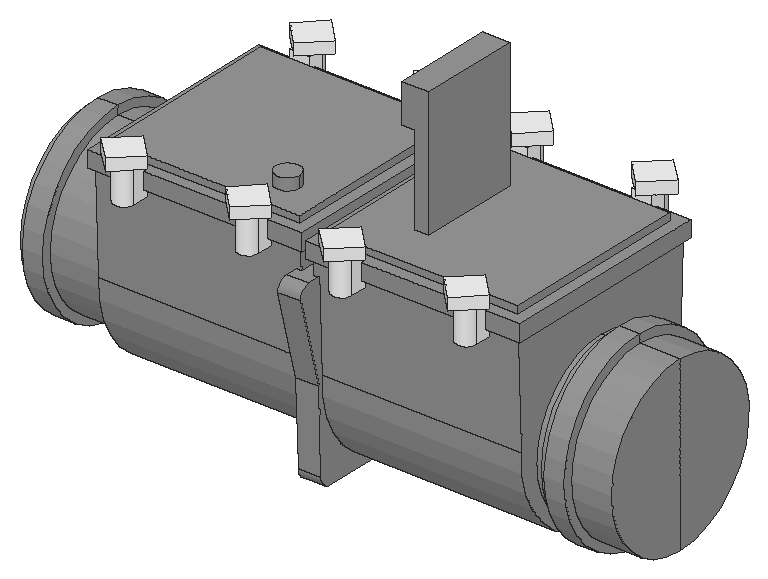
Revit family "HL_RU_Anti-flooding valve_HL715.2-A-171212", category Příslušenství trubek, Revit 2021
Family settings
  Kóta kulaté spojky = Použít průměr
  Typ dílu = Normální
  Číslo OmniClass = 23.65.55.14.21
  Nadpis OmniClass = Non-Return Valves for Liquid Services
  Založené na pracovní rovině = Ne
  Vždy vertikální = Ano
  Ořezat dutým tvarem při načtení = Ne
  Sdílené = Ne
Parameters (values of type "HL_Механический канализационный затвор_HL715.2")
  РАЗМЕР = "DN160"
  ПРОПУСКНАЯ СПОСОБНОСТЬ [instance] = 0.0 m³/h
  ПРАВОВАЯ ИНФОРМАЦИЯ = "\"Авторские права(©), права на дизайн или какие либо другие права интелектуальной собственности являются исключительной собственностью компании HL Hutterer & Lechner. Изменению не подлежит. Файл семейства с данными о прозводителе изделия защищен паролем с водяным знаком.\""
  ПАДЕНИЕ ДАВЛЕНИЯ [instance] = 0.0 Pa
  НОМИНАЛЬНЫЙ ДИАМЕТР 2 = 160 mm
  НОМИНАЛЬНЫЙ ДИАМЕТР = 160 mm
  МАТЕРИАЛ = "ABS"
  ВЫСОТА МОНТАЖА = "355 mm"
  ВЕС = "5,87 kg"
  Výrobce = "HL Hutterer & Lechner GmbH"
  Výchozí výška = 0 mm
  URL = "http://www.hutterer-lechner.com/ru/products/catalog/roof-drains/HL715.2.aspx"
  Popis = "Механический канализационный затвор"
  Model = "HL715.2"
  Komentáře k typům = "Механический магистральный канализационный затвор DN160 с двумя заслонками из нержавеющей стали и ручным затвором."
  Keynote = "HL715.2"
  EAN = "9003076971527"
  Cena = 0
Types (2, lengths in mm): name | URL | Popis | Komentáře k typům
  (no name) | "http://www.hutterer-lechner.com/en/products/catalog/roof-drains/HL715.2.aspx" | "Anti flood valves" | "anti-flood valve DN160 with 2 stainless steel flaps and manual blocking"
  HL_Механический канализационный затвор_HL715.2 | "http://www.hutterer-lechner.com/ru/products/catalog/roof-drains/HL715.2.aspx" | "Механический канализационный затвор" | "Механический магистральный канализационный затвор DN160 с двумя заслонками из нержавеющей стали и ручным затвором."
Values of the unnamed type that differ from the named types
  ПРАВОВАЯ ИНФОРМАЦИЯ = "\"Copyright (©), design rights or any other intellectual property rights, shall be the exclusive property of HL Hutterer & Lechner GmbH. Modification is not allowed. Family has been watermarked.\""
Reference planes
  plane 1 "Střed (vpředu/vzadu)": y = 0
  plane 2: z = 0
  plane 3 "Střed (vlevo/vpravo)": x = 0
Forms (mm)
  Sweep 1, solid, material "Plastic - Orange", detail levels fine
    path origin (326.7, 0, 122.2) x (1, 0, 0) y (0, 0, 1)
      loop
        line (101.5, -24) -> (-101.443, -24)
    profile origin (326.729, 0, 98.2) x (0, 0, -1) y (0, -1, 0)
      loop
        line (-0.5, 0) -> (-0.5, -101.455) -> (102.291, -97.866)
        arc (102.291, -97.866) -> (176.057, -71.881) -> (206.874, 0) r 97.308
        arc (206.874, 0) -> (176.057, 71.881) -> (102.291, 97.866) r 97.308
        line (102.291, 97.866) -> (-0.5, 101.455) -> (-0.5, 0)
  Extrusion 2, solid, material "Plastic - Orange", detail levels fine
    sketch origin (428.2, 0, 98.7) x (-1, 0, 0) y (0, -1, 0)
      loop
        line (-4.2, 105.7) -> (-4.2, -105.7) -> (207.2, -105.7) -> (207.2, 105.7) -> (-4.2, 105.7)
    from 0 to 16.5
  Extrusion 3, solid, material "Plastic - Orange", detail levels fine
    sketch origin (428.2, 0, 115.2) x (-1, 0, 0) y (0, -1, 0)
      loop
        line (196, -94.5) -> (196, 94.5) -> (7, 94.5) -> (7, -94.5) -> (196, -94.5)
    from 0 to 7
  Extrusion 4, solid, material "Plactic - White", detail levels fine
    sketch origin (326.7, 0, 122.2) x (1, 0, 0) y (0, 1, 0)
      loop
        line (71.5, -101.158) -> (51.5, -101.158) -> (51.5, -116.5)
        arc (51.5, -116.5) -> (61.5, -126.5) -> (71.5, -116.5) r 10
        line (71.5, -116.5) -> (71.5, -101.158)
    from -32 to 3.735
  Extrusion 5, solid, material "Plactic - White", detail levels fine
    sketch origin (326.7, 0, 125.935) x (1, 0, 0) y (0, 1, 0)
      loop
        line (84.127, -116.5) -> (61.5, -93.873) -> (38.873, -116.5) -> (61.5, -139.127) -> (84.127, -116.5)
    from 0 to 12
  Extrusion 6, solid, material "Plactic - White", detail levels fine
    sketch origin (203.7, 0, 122.2) x (1, 0, 0) y (0, 1, 0)
      loop
        line (71.5, -101.158) -> (51.5, -101.158) -> (51.5, -116.5)
        arc (51.5, -116.5) -> (61.5, -126.5) -> (71.5, -116.5) r 10
        line (71.5, -116.5) -> (71.5, -101.158)
    from -32 to 3.735
  Extrusion 7, solid, material "Plactic - White", detail levels fine
    sketch origin (203.7, 0, 125.935) x (1, 0, 0) y (0, 1, 0)
      loop
        line (84.127, -116.5) -> (61.5, -93.873) -> (38.873, -116.5) -> (61.5, -139.127) -> (84.127, -116.5)
    from 0 to 12
  Extrusion 8, solid, material "Plactic - White", detail levels fine
    sketch origin (326.7, 0, 122.2) x (1, 0, 0) y (0, 1, 0)
      loop
        line (71.5, 101.158) -> (71.5, 116.5)
        arc (71.5, 116.5) -> (61.5, 126.5) -> (51.5, 116.5) r 10
        line (51.5, 116.5) -> (51.5, 101.158) -> (71.5, 101.158)
    from -32 to 3.735
  Extrusion 9, solid, material "Plactic - White", detail levels fine
    sketch origin (326.7, 0, 125.935) x (1, 0, 0) y (0, 1, 0)
      loop
        line (84.127, 116.5) -> (61.5, 139.127) -> (38.873, 116.5) -> (61.5, 93.873) -> (84.127, 116.5)
    from 0 to 12
  Extrusion 10, solid, material "Plactic - White", detail levels fine
    sketch origin (203.7, 0, 122.2) x (1, 0, 0) y (0, 1, 0)
      loop
        line (71.5, 101.158) -> (71.5, 116.5)
        arc (71.5, 116.5) -> (61.5, 126.5) -> (51.5, 116.5) r 10
        line (51.5, 116.5) -> (51.5, 101.158) -> (71.5, 101.158)
    from -32 to 3.735
  Extrusion 11, solid, material "Plactic - White", detail levels fine
    sketch origin (203.7, 0, 125.935) x (1, 0, 0) y (0, 1, 0)
      loop
        line (84.127, 116.5) -> (61.5, 139.127) -> (38.873, 116.5) -> (61.5, 93.873) -> (84.127, 116.5)
    from 0 to 12
  Sweep 12, solid, material "Plastic - Orange", not visible, detail levels fine
    path origin (326.7, 0, 117.262) x (1, 0, 0) y (0, 0, 1)
      loop
        line (180, -58.4) -> (101.5, -58.4)
    profile origin (467.45, 0, 58.862) x (0, 0, -1) y (0, -1, 0)
      loop
        circle (80, 0) r 80
  Extrusion 13, solid, material "Plastic - Red", detail levels fine
    sketch origin (373.948, 0, 122.2) x (1, 0, 0) y (0, 0, 1)
      loop
        line (-76.248, 127) -> (-102.748, 127) -> (-102.748, 89) -> (-90.248, 89) -> (-90.248, 0) -> (-76.248, 0) -> (-76.248, 127)
    from -50 to 50
  Sweep 14, solid, material "Plastic - Orange", detail levels fine
    path origin (110.7, 0, 126.9) x (1, 0, 0) y (0, 0, 1)
      loop
        line (101.5, -24) -> (-101.443, -24)
    profile origin (110.729, 0, 102.9) x (0, 0, -1) y (0, -1, 0)
      loop
        line (-0.5, 0) -> (-0.5, -101.455) -> (99.02, -97.98)
        arc (99.02, -97.98) -> (171.687, -71.286) -> (201.874, 0) r 97.308
        arc (201.874, 0) -> (171.687, 71.286) -> (99.02, 97.98) r 97.308
        line (99.02, 97.98) -> (-0.5, 101.455) -> (-0.5, 0)
  Extrusion 15, solid, material "Plastic - Orange", detail levels fine
    sketch origin (212.2, 0, 103.4) x (-1, 0, 0) y (0, -1, 0)
      loop
        line (-4.2, 105.7) -> (-4.2, -105.7) -> (207.2, -105.7) -> (207.2, 105.7) -> (-4.2, 105.7)
    from 0 to 16.5
  Extrusion 16, solid, material "Plastic - Orange", detail levels fine
    sketch origin (212.2, 0, 119.9) x (-1, 0, 0) y (0, -1, 0)
      loop
        line (196, -94.5) -> (196, 94.5) -> (7, 94.5) -> (7, -94.5) -> (196, -94.5)
    from 0 to 7
  Extrusion 17, solid, material "Plactic - White", detail levels fine
    sketch origin (110.7, 0, 126.9) x (1, 0, 0) y (0, 1, 0)
      loop
        line (71.5, -101.158) -> (51.5, -101.158) -> (51.5, -116.5)
        arc (51.5, -116.5) -> (61.5, -126.5) -> (71.5, -116.5) r 10
        line (71.5, -116.5) -> (71.5, -101.158)
    from -32 to 3.735
  Extrusion 18, solid, material "Plactic - White", detail levels fine
    sketch origin (110.7, 0, 130.635) x (1, 0, 0) y (0, 1, 0)
      loop
        line (84.127, -116.5) -> (61.5, -93.873) -> (38.873, -116.5) -> (61.5, -139.127) -> (84.127, -116.5)
    from 0 to 12
  Extrusion 19, solid, material "Plactic - White", detail levels fine
    sketch origin (-12.3, 0, 126.9) x (1, 0, 0) y (0, 1, 0)
      loop
        line (71.5, -101.158) -> (51.5, -101.158) -> (51.5, -116.5)
        arc (51.5, -116.5) -> (61.5, -126.5) -> (71.5, -116.5) r 10
        line (71.5, -116.5) -> (71.5, -101.158)
    from -32 to 3.735
  Extrusion 20, solid, material "Plactic - White", detail levels fine
    sketch origin (-12.3, 0, 130.635) x (1, 0, 0) y (0, 1, 0)
      loop
        line (84.127, -116.5) -> (61.5, -93.873) -> (38.873, -116.5) -> (61.5, -139.127) -> (84.127, -116.5)
    from 0 to 12
  Revolve 21, solid, material "Plastic - Orange", detail levels fine
    sketch origin (110.7, 0, 126.9) x (1, 0, 0) y (0, 0, 1)
      loop
        line (-189.5, -126.9) -> (-101.443, -126.9) -> (-101.443, -41.9) -> (-160.5, -41.9) -> (-160.5, -33.366) -> (-180.5, -33.366) -> (-180.5, -41.9) -> (-189.5, -41.9) -> (-189.5, -126.9)
      axis (-101.443, -126.9) -> (-189.5, -126.9)
    angle from 0 to 360
  Extrusion 22, solid, material "Plactic - White", detail levels fine
    sketch origin (110.7, 0, 126.9) x (1, 0, 0) y (0, 1, 0)
      loop
        line (71.5, 101.158) -> (71.5, 116.5)
        arc (71.5, 116.5) -> (61.5, 126.5) -> (51.5, 116.5) r 10
        line (51.5, 116.5) -> (51.5, 101.158) -> (71.5, 101.158)
    from -32 to 3.735
  Extrusion 23, solid, material "Plactic - White", detail levels fine
    sketch origin (110.7, 0, 130.635) x (1, 0, 0) y (0, 1, 0)
      loop
        line (84.127, 116.5) -> (61.5, 139.127) -> (38.873, 116.5) -> (61.5, 93.873) -> (84.127, 116.5)
    from 0 to 12
  Extrusion 24, solid, material "Plactic - White", detail levels fine
    sketch origin (-12.3, 0, 126.9) x (1, 0, 0) y (0, 1, 0)
      loop
        line (71.5, 101.158) -> (71.5, 116.5)
        arc (71.5, 116.5) -> (61.5, 126.5) -> (51.5, 116.5) r 10
        line (51.5, 116.5) -> (51.5, 101.158) -> (71.5, 101.158)
    from -32 to 3.735
  Extrusion 25, solid, material "Plactic - White", detail levels fine
    sketch origin (-12.3, 0, 130.635) x (1, 0, 0) y (0, 1, 0)
      loop
        line (84.127, 116.5) -> (61.5, 139.127) -> (38.873, 116.5) -> (61.5, 93.873) -> (84.127, 116.5)
    from 0 to 12
  Extrusion 26, solid, material "Plastic - Orange", detail levels fine
    sketch origin (213.95, 0, 126.9) x (0, 1, 0) y (0, 0, 1)
      loop
        line (-87.161, -233.82) -> (0, -233.82) -> (87.161, -233.82)
        arc (87.161, -233.82) -> (95.351, -230.428) -> (98.743, -222.239) r 11.581
        line (98.743, -222.239) -> (101.621, -139.82) -> (124.203, -54.55)
        arc (124.203, -54.55) -> (120.952, -46.701) -> (113.103, -43.45) r 11.1
        line (113.103, -43.45) -> (0, -43.45) -> (-113.103, -43.45)
        arc (-113.103, -43.45) -> (-120.952, -46.701) -> (-124.203, -54.55) r 11.1
        line (-124.203, -54.55) -> (-101.621, -139.82) -> (-98.743, -222.239)
        arc (-98.743, -222.239) -> (-95.351, -230.428) -> (-87.161, -233.82) r 11.581
    from -6.25 to 16
  Extrusion 27, solid, material "Plastic - Orange", detail levels fine
    sketch origin (212.2, 0, 126.9) x (-1, 0, 0) y (0, -1, 0)
      loop
        circle (45.784, 60.254) r 12
    from 0 to 11.035
  Revolve 28, solid, material "Plastic - Orange", detail levels fine
    sketch origin (627.2, 0, 105.762) x (1, 0, 0) y (0, 0, 1)
      loop
        line (-199, -126.9) -> (-120.5, -126.9) -> (-120.5, -41.9) -> (-160.5, -41.9) -> (-160.5, -33.366) -> (-180.5, -33.366) -> (-180.5, -41.9) -> (-189.5, -41.9) -> (-189.5, -46.9) -> (-199, -46.9) -> (-199, -126.9)
      axis (-120.5, -126.9) -> (-199, -126.9)
    angle from 0 to 360
Lines and regions (mm)
  symbolic lines, style "Symbol", detail levels coarse+medium
    curve 1: line (506.7, 0, 0) -> (0, 0, 0)
    curve 2: line (378.35, -60, 0) -> (378.35, 60, 0)
    curve 3: line (378.35, 60, 0) -> (128.35, 60, 0)
    curve 4: line (128.35, -60, 0) -> (128.35, 60, 0)
    curve 9: line (253.35, -105, 0) -> (253.35, 105, 0)
    curve 10: line (378.35, -60, 0) -> (128.35, -60, 0)
  model lines, style "Symbol", detail levels coarse+medium
    curve 5: line (0, 0, 0) -> (506.7, 0, -21.138)
    curve 6: line (378.35, 0, -70.569) -> (378.35, 0, 49.431)
    curve 7: line (378.35, 0, 49.431) -> (128.35, 0, 49.431)
    curve 8: line (128.35, 0, -70.569) -> (128.35, 0, 49.431)
    curve 13: line (378.35, 0, -70.569) -> (128.35, 0, -70.569)
  model lines, detail levels coarse+medium
    curve 11: line (253.35, 0, -10.569) -> (253.35, 0, 94.431)
    curve 12: line (253.35, 0, -115.569) -> (253.35, 0, -10.569)
Dimensions and locks
  aligned and locked: level to plane 2
Connectors
  piping at (0, 0, 0), diameter 160, driven by "ПАДЕНИЕ ДАВЛЕНИЯ", driven by "НОМИНАЛЬНЫЙ ДИАМЕТР", driven by "ПРОПУСКНАЯ СПОСОБНОСТЬ"
    settings: on plane 3 "Střed (vlevo/vpravo)", index 1, connector inside diameter 609.6 mm, connector length 0 mm, flow factor 0, pipe flow 0.0 m³/h, pressure drop 0.0 Pa, fitting loss kfactor 0, connector angle 0.00°, fixture units 0, engagement length 0 mm, angle of deflection 0.00°, flow configuration 0, flow direction 0, fitting loss method 4, system type 16, joint type 0, gender type 0, connector reference index -1, connector utility 0, adjustable connector no, is connector primary yes, connector description ""
  piping at (506.7, 0, -21.138), diameter 160, driven by "НОМИНАЛЬНЫЙ ДИАМЕТР 2", driven by "ПРОПУСКНАЯ СПОСОБНОСТЬ"
    settings: on Sweep 12, index 2, connector inside diameter 609.6 mm, connector length 0 mm, flow factor 0, pipe flow 0.0 m³/h, pressure drop 0.0 Pa, fitting loss kfactor 0, connector angle 0.00°, fixture units 0, engagement length 0 mm, angle of deflection 0.00°, flow configuration 1, flow direction 2, fitting loss method 4, system type 16, joint type 0, gender type 0, connector reference index -1, connector utility 0, adjustable connector no, is connector primary no, connector description ""
